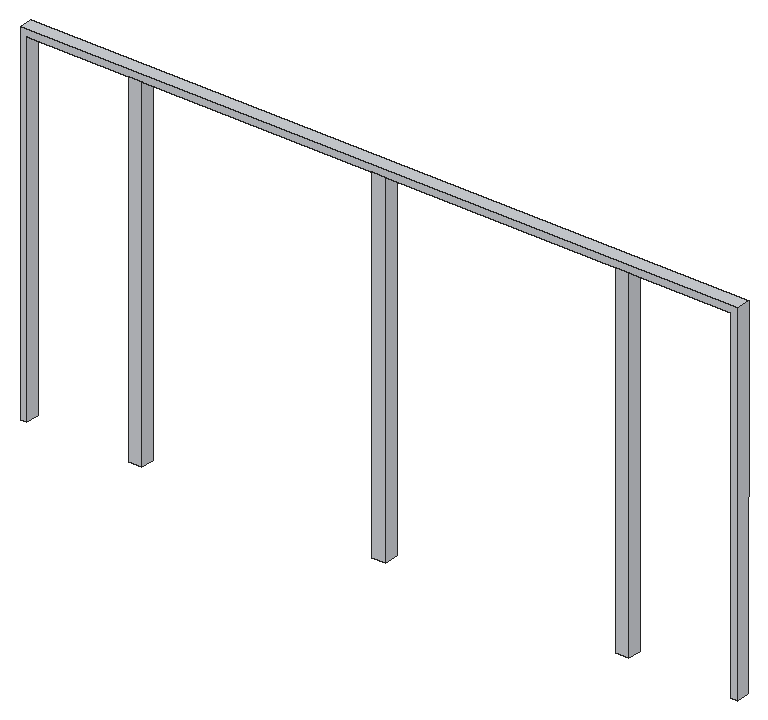
Revit family
Parameters
  프레임 투영 외부. = 25 mm
  프레임 투영 내부. = 25 mm
  프레임 폭 = 75 mm
  Height = 2600 mm
  Wall Closure = (empty or 0)
  Width = 5300 mm
  문 폭 = 1800 mm
  문 두께 = 100 mm
  문 높이 = 2100 mm
Reference planes
  plane 1: y = 0
  plane 2 "중심(왼쪽/오른쪽)": x = 0
  plane 3 "왼쪽": x = -2650
  plane 4 "오른쪽": x = 2650
  plane 5: z = 2600
  plane 6 "외부": y = 75
  plane 7 "내부": y = -75
  plane 8: x = -1800
  plane 9: x = 1800
  plane 10: x = -2600
  plane 11: x = 2600
  plane 12: x = 1750
  plane 13: x = 1850
  plane 14: x = -1850
  plane 15: x = -1750
  plane 16: x = -50
  plane 17: x = 50
  plane 18: y = 50
  plane 19: y = -50
  plane 20: z = 2550
  plane 21: z = 2100
  plane 22: z = 2150
  plane 23: z = 2000
  plane 24: z = 100
  plane 25: y = 6
  plane 26: y = -6
  plane 27: y = 16
  plane 28: y = -16
  plane 29: x = -900
  plane 30: x = 900
Forms (mm)
  Sweep 1, solid
    path origin (0, 75, 0) x (1, 0, 0) y (0, 0, 1)
      loop
        line (2650, 0) -> (2650, 2600) -> (-2650, 2600) -> (-2650, 0)
    profile origin (2650, 75, 1300) x (-1, 0, 0) y (0, -1, 0)
      loop
        line (50, 25) -> (50, 125) -> (0, 125) -> (0, 25) -> (50, 25)
  Extrusion 2, solid
    sketch origin (0, 0, 0) x (1, 0, 0) y (0, 1, 0)
      loop
        line (-1850, 50) -> (-1850, -50) -> (-1750, -50) -> (-1750, 50) -> (-1850, 50)
      loop
        line (-50, 50) -> (-50, -50) -> (50, -50) -> (50, 50) -> (-50, 50)
      loop
        line (1750, 50) -> (1750, -50) -> (1850, -50) -> (1850, 50) -> (1750, 50)
    from 0 to 2550
Lines and regions (mm)
  Opening 1
    outline origin (-3050, -75, 0) x (1, 0, 0) y (0, 0, 1)
      loop
        line (400, 0) -> (5700, 0) -> (5700, 2600) -> (400, 2600) -> (400, 0)
Text (mm)
  text "외부" at (-2295.016, 1099.543, 0), in view "참조 레벨"
  text "외부" at (0, 1615.38, 3698.081), in view "왼쪽"
  text "외부" at (0, 1036.032, 3874.932), in view "오른쪽"
Dimensions and locks
  equal spacing: plane 3 "왼쪽", plane 2 "중심(왼쪽/오른쪽)", plane 4 "오른쪽"
  "Width": plane 3 "왼쪽" to plane 4 "오른쪽"
  "Height": plane 5 to host wall
  "문 높이": host wall to plane 21
  host wall to plane 5 = 2600 mm
  locked: plane 6 "외부" to host wall at 0
  locked: plane 7 "내부" to host wall
  "문 폭": plane 8 to plane 2 "중심(왼쪽/오른쪽)"
  "문 폭": plane 2 "중심(왼쪽/오른쪽)" to plane 9
  locked: plane 3 "왼쪽" to plane 10 at 50
  plane 14 to plane 8 to plane 15 = 50 mm locked, 50 mm locked
  plane 16 to plane 2 "중심(왼쪽/오른쪽)" to plane 17 = 50 mm locked, 50 mm locked
  plane 12 to plane 9 to plane 13 = 50 mm locked, 50 mm locked
  locked: plane 11 to plane 4 "오른쪽" at 50
  "문 두께": plane 18 to plane 19
  locked: plane 20 to plane 5 at 50
  locked: plane 21 to plane 22 at 50
  locked: plane 23 to plane 21 at 100
  locked: level to plane 24 at 100
  plane 25 to host wall to plane 26 = 6 mm locked, 6 mm locked
  locked: plane 26 to plane 28 at 10
  locked: plane 27 to plane 25 at 10
  equal spacing: plane 15, plane 29, plane 16
  equal spacing: plane 17, plane 30, plane 12
  equal spacing: plane 18, plane 1, plane 19
  equal spacing: plane 7 "내부", plane 1, plane 6 "외부"
  aligned and locked: plane 3 "왼쪽" to Opening 1 sketch curve
  aligned and locked: plane 5 to Opening 1 sketch curve  (x2)
  aligned and locked: Opening 1 sketch curve to plane 4 "오른쪽"
  aligned and locked: Opening 1 sketch curve to level
  aligned and locked: host wall to plane 1
  aligned and locked: Sweep 1 sketch curve to plane 3 "왼쪽"
  aligned and locked: plane 5 to Sweep 1 sketch curve
  aligned and locked: plane 4 "오른쪽" to Sweep 1 sketch curve
  aligned and locked: plane 11 to Sweep 1 sketch curve
  aligned and locked: host wall to Sweep 1 sketch curve
  aligned and locked: Sweep 1 sketch curve to plane 18
  aligned and locked: plane 19 to Sweep 1 sketch curve
  aligned and locked: plane 14 to Extrusion 2 sketch curve
  aligned and locked: Extrusion 2 sketch curve to plane 18  (x3)
  aligned and locked: plane 19 to Extrusion 2 sketch curve  (x3)
  aligned and locked: plane 15 to Extrusion 2 sketch curve
  aligned and locked: plane 16 to Extrusion 2 sketch curve
  aligned and locked: Extrusion 2 sketch curve to plane 17
  aligned and locked: plane 12 to Extrusion 2 sketch curve
  aligned and locked: plane 13 to Extrusion 2 sketch curve
  aligned and locked: plane 20 to Sweep 1
  aligned and locked: Extrusion 2 to plane 20
Automatic sketch dimensions
  Sweep 1 sketch curve to level = 0 mm  (x2)
